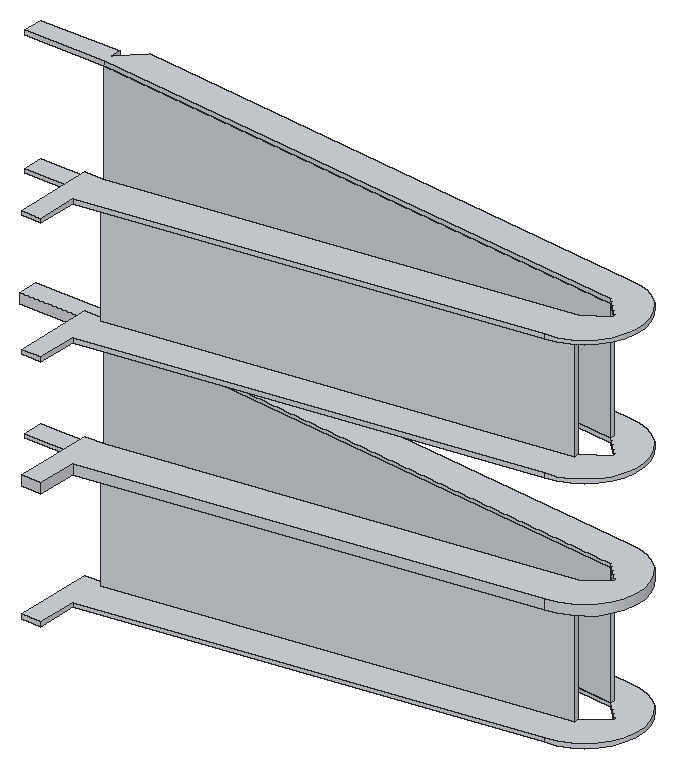
Revit family "BC600_2017_new", category Electrical Equipment, Revit 2017
Family settings
  Round Connector Dimension = Use Diameter
  Part Type = Panelboard
  OmniClass Number = 23.80.30.11.17
  OmniClass Title = Distribution Boards and Control Panels
  Work Plane-Based = No
  Always vertical = Yes
  Cut with Voids When Loaded = No
  Shared = No
  Room Calculation Point = No
Parameters
  Width = 1' - 0 59/256"  # constant formula
  Symbol Visible [instance] = yes
  Label Visible [instance] = yes
  Label Type = Generic Label 2017 : Generic Label 2017
  Label Angle [instance] = 0.00°
  Label - Y Offset [instance] = 0' - 0.00859"
  Label - X Offset [instance] = 0' - 0"
  Label [instance] = ""
  Height = 1' - 3 147/256"  # constant formula
  Elevation from Level [instance] = 0' - 11.865"
  Depth = 0' - 4 143/256"  # constant formula
Reference planes (in)
  plane 1 "Center (Front/Back)": y = -0.16297
  plane 2: z = 0
  plane 3 "Center (Left/Right)": x = 0
  plane 4: x = 7.375
  plane 5: x = -7.375
  plane 6: y = -2.44227
  plane 7: z = 27.43922
  plane 8: x = 0
  plane 9: y = -0.17156
  plane 10: z = 11.865
  plane 11: y = 2.11633
Forms (in)
  Extrusion 1, solid, not visible
    sketch origin (0, 0, 0) x (1, 0, 0) y (0, 1, 0)
      loop
        line (-4, 10.25) -> (-3.5, 10.25) -> (-3.5, 11.23922) -> (7.17938, 12.82098)
        arc (7.17938, 12.82098) -> (8.48228, 14.238) -> (7.10223, 15.58) r 1.38059
        line (7.10223, 15.58) -> (-5.96967, 16.76505) -> (-6.5, 16.23472) -> (-6.5, 16.48472) -> (-8.5, 16.48472) -> (-8.5, 15.98472) -> (-6.5, 15.98472) -> (7.31887, 14.74382) -> (7.82469, 14.238) -> (7.22723, 13.8296) -> (-3.5, 12.25) -> (-4, 12.25) -> (-4, 10.25)
    from 0 to 0.10156
  Extrusion 2, solid, not visible
    sketch origin (0, 0, -6) x (1, 0, 0) y (0, 1, 0)
      loop
        line (-4, 10.25) -> (-3.5, 10.25) -> (-3.5, 11.23922) -> (7.17938, 12.82098)
        arc (7.17938, 12.82098) -> (8.48228, 14.238) -> (7.10223, 15.58) r 1.38059
        line (7.10223, 15.58) -> (-5.96967, 16.76505) -> (-6.5, 16.23472) -> (-6.5, 16.48472) -> (-8.625, 16.48472) -> (-8.625, 15.98472) -> (-6.5, 15.98472) -> (7.31887, 14.74382) -> (7.82469, 14.238) -> (7.22723, 13.8296) -> (-3.5, 12.25) -> (-4, 12.25) -> (-4, 10.25)
    from 9 to 9.25
  Extrusion 3, solid, not visible
    sketch origin (0, 0, 0) x (1, 0, 0) y (0, 1, 0)
      loop
        line (-6.49717, 15.98447) -> (7.31887, 14.74382) -> (7.32795, 14.84497) -> (-6.48808, 16.08562) -> (-6.49717, 15.98447)
    from 0.10156 to 3.14844
  Extrusion 4, solid, not visible
    sketch origin (0, 0, 0) x (1, 0, 0) y (0, 1, 0)
      loop
        line (7.22723, 13.8296) -> (-3.5, 12.25) -> (-3.48179, 12.12633) -> (7.24544, 13.70594) -> (7.22723, 13.8296)
    from 0.10156 to 3.14844
  Extrusion 5, solid, not visible
    sketch origin (0, 0, 0) x (1, 0, 0) y (0, 1, 0)
      loop
        line (-4, 10.25) -> (-3.5, 10.25) -> (-3.5, 11.23922) -> (7.17938, 12.82098)
        arc (7.17938, 12.82098) -> (8.48228, 14.238) -> (7.10223, 15.58) r 1.38059
        line (7.10223, 15.58) -> (-5.96967, 16.76505) -> (-6.5, 16.23472) -> (-6.5, 16.48472) -> (-8.5, 16.48472) -> (-8.5, 15.98472) -> (-6.5, 15.98472) -> (7.31887, 14.74382) -> (7.82469, 14.238) -> (7.22723, 13.8296) -> (-3.5, 12.25) -> (-4, 12.25) -> (-4, 10.25)
    from 6 to 6.10156
  Extrusion 6, solid, not visible
    sketch origin (0, 0, 0) x (1, 0, 0) y (0, 1, 0)
      loop
        line (-4, 10.25) -> (-3.5, 10.25) -> (-3.5, 11.23922) -> (7.17938, 12.82098)
        arc (7.17938, 12.82098) -> (8.48228, 14.238) -> (7.10223, 15.58) r 1.38059
        line (7.10223, 15.58) -> (-5.96967, 16.76505) -> (-6.5, 16.23472) -> (-6.5, 16.48472) -> (-8.5, 16.48472) -> (-8.5, 15.98472) -> (-6.5, 15.98472) -> (7.31887, 14.74382) -> (7.82469, 14.238) -> (7.22723, 13.8296) -> (-3.5, 12.25) -> (-4, 12.25) -> (-4, 10.25)
    from 9.14844 to 9.25
  Extrusion 7, solid, not visible
    sketch origin (0, 0, 0) x (1, 0, 0) y (0, 1, 0)
      loop
        line (-6.49717, 15.98447) -> (7.31887, 14.74382) -> (7.32795, 14.84497) -> (-6.48808, 16.08562) -> (-6.49717, 15.98447)
    from 6.10156 to 9.14844
  Extrusion 8, solid, not visible
    sketch origin (0, 0, 0) x (1, 0, 0) y (0, 1, 0)
      loop
        line (7.22723, 13.8296) -> (-3.5, 12.25) -> (-3.48179, 12.12633) -> (7.24544, 13.70594) -> (7.22723, 13.8296)
    from 6.10156 to 9.14844
Lines and regions (in)
  symbolic lines, style "InvisibleLines"
    curve 1: line (0, 3.20344, 0) -> (0, -3.54656, 0)
    curve 2: line (-10.75, -0.17156, 0) -> (10.75, -0.17156, 0)
  symbolic lines, style "InvisibleLines", not visible
    curve 3: line (0, 3.375, 0) -> (0, -3.375, 0)
    curve 4: line (-10.75, 0, 0) -> (10.75, 0, 0)
  symbolic lines, style "ElectricalEquipment", visible <- "Symbol Visible"
    curve 5: line (7.375, -2.44227, 0) -> (-7.375, -2.44227, 0)
    curve 6: line (7.26128, 2.11633, 0) -> (-7.23872, 2.11633, 0)
    curve 7: line (7.26128, 2.11633, 0) -> (7.26128, -1.94227, 0)
    curve 8: line (7.375, -1.94227, 0) -> (-7.375, -1.94227, 0)
    curve 9: line (-7.23872, 2.11633, 0) -> (-7.23872, -1.94227, 0)
    curve 10: line (-7.375, -1.94227, 0) -> (-7.375, -2.44227, 0)
    curve 11: line (7.375, -1.94227, 0) -> (7.375, -2.44227, 0)
Dimensions and locks (in)
  equal spacing: plane 5, plane 3 "Center (Left/Right)", plane 4
  plane 5 to plane 4 = 1' - 2 3/4"
  "Height": plane 7 to plane 10
  "Label - X Offset": plane 3 "Center (Left/Right)" to plane 8
  "Label - Y Offset": plane 9 to plane 1 "Center (Front/Back)"
  "Elevation from Level": plane 10 to plane 2
  plane 4 to plane 5 = 1' - 2 3/4"
  "Depth": plane 6 to plane 11
  equal spacing: plane 6, plane 1 "Center (Front/Back)", plane 11
  aligned and locked: plane 9 to curve 2
  aligned and locked: plane 5 to import instance
  aligned and locked: plane 11 to curve 6
  aligned and locked: plane 6 to curve 5
  aligned and locked: curve 10 to plane 5
  aligned and locked: curve 7 to import instance
  aligned and locked: curve 11 to plane 4
  aligned and locked: plane 6 to import instance
Automatic sketch dimensions
  Extrusion 1 sketch curve to Extrusion 1 sketch curve = 0' - 0"
  Extrusion 1 sketch curve to Extrusion 1 sketch curve = 0' - 0.53033"
  Extrusion 1 sketch curve to Extrusion 1 sketch curve = 0' - 0 1/2"  (x3)
  Extrusion 1 sketch curve to Extrusion 1 sketch curve = 0' - 0 1/8"
  Extrusion 1 sketch curve to Extrusion 1 sketch curve = 0' - 0.21664"
  Extrusion 1 sketch curve to Extrusion 1 sketch curve = 0' - 0.98922"
  Extrusion 1 sketch curve to Extrusion 1 sketch curve = 0' - 1.01078"
  Extrusion 1 sketch curve to Extrusion 1 sketch curve = 0' - 1.00863"
  Extrusion 1 sketch curve to Extrusion 1 sketch curve = 0' - 0.36981"
  Extrusion 1 sketch curve to Extrusion 1 sketch curve = 0' - 0.03859"
  Extrusion 1 sketch curve to Extrusion 1 sketch curve = 0' - 0.54441"
  Extrusion 1 sketch curve to Extrusion 1 sketch curve = 0' - 0 1/4"
  Extrusion 1 sketch curve to Extrusion 1 sketch curve = 0' - 0.28033"
  Extrusion 2 sketch curve to Extrusion 2 sketch curve = 0' - 0"
  Extrusion 2 sketch curve to Extrusion 2 sketch curve = 0' - 0.53033"
  Extrusion 2 sketch curve to Extrusion 2 sketch curve = 0' - 0 1/2"  (x3)
  Extrusion 2 sketch curve to Extrusion 2 sketch curve = 0' - 0 1/8"
  Extrusion 2 sketch curve to Extrusion 2 sketch curve = 0' - 0.21664"
  Extrusion 2 sketch curve to Extrusion 2 sketch curve = 0' - 0.98922"
  Extrusion 2 sketch curve to Extrusion 2 sketch curve = 0' - 1.01078"
  Extrusion 2 sketch curve to Extrusion 2 sketch curve = 0' - 1.00863"
  Extrusion 2 sketch curve to Extrusion 2 sketch curve = 0' - 0.36981"
  Extrusion 2 sketch curve to Extrusion 2 sketch curve = 0' - 0.03859"
  Extrusion 2 sketch curve to Extrusion 2 sketch curve = 0' - 0.54441"
  Extrusion 2 sketch curve to Extrusion 2 sketch curve = 0' - 3.73472"
  Extrusion 2 sketch curve to Extrusion 2 sketch curve = 0' - 0 1/4"
  Extrusion 2 sketch curve to Extrusion 2 sketch curve = 0' - 0.28033"
  Extrusion 3 sketch curve to Extrusion 3 sketch curve = 0' - 0.00908"
  Extrusion 3 sketch curve to Extrusion 3 sketch curve = 0' - 0.10116"
  Extrusion 4 sketch curve to Extrusion 4 sketch curve = 0' - 0.12367"
  Extrusion 4 sketch curve to Extrusion 4 sketch curve = 0' - 0.01821"
  Extrusion 2 sketch curve to Extrusion 2 sketch curve = 0' - 2 1/8"
  Extrusion 2 sketch curve to Extrusion 2 sketch curve = 0' - 2 1/2"
  Extrusion 2 sketch curve to Extrusion 2 sketch curve = 0' - 10.60223"
  Extrusion 2 sketch curve to Extrusion 2 sketch curve = 0' - 0.04785"
  Extrusion 2 sketch curve to Extrusion 2 sketch curve = 0' - 0.50582"
  Extrusion 2 sketch curve to Extrusion 2 sketch curve = 0' - 0.57098"
  Extrusion 3 sketch curve to Extrusion 3 sketch curve = 1' - 1.81603"
  Extrusion 4 sketch curve to Extrusion 4 sketch curve = 0' - 10.72723"
  Extrusion 1 sketch curve to Extrusion 1 sketch curve = 0' - 2"
  Extrusion 1 sketch curve to Extrusion 1 sketch curve = 0' - 2 1/2"
  Extrusion 1 sketch curve to Extrusion 1 sketch curve = 0' - 10.60223"
  Extrusion 1 sketch curve to Extrusion 1 sketch curve = 0' - 0.04785"
  Extrusion 1 sketch curve to Extrusion 1 sketch curve = 0' - 0.50582"
  Extrusion 1 sketch curve to Extrusion 1 sketch curve = 0' - 0.57098"
  Extrusion 1 sketch curve to Extrusion 1 sketch curve = 0' - 3.73472"
  Extrusion 5 sketch curve to Extrusion 5 sketch curve = 0' - 0"
  Extrusion 5 sketch curve to Extrusion 5 sketch curve = 0' - 0.53033"
  Extrusion 5 sketch curve to Extrusion 5 sketch curve = 0' - 0 1/2"  (x3)
  Extrusion 5 sketch curve to Extrusion 5 sketch curve = 0' - 0 1/8"
  Extrusion 5 sketch curve to Extrusion 5 sketch curve = 0' - 0.21664"
  Extrusion 5 sketch curve to Extrusion 5 sketch curve = 0' - 0.98922"
  Extrusion 5 sketch curve to Extrusion 5 sketch curve = 0' - 1.01078"
  Extrusion 5 sketch curve to Extrusion 5 sketch curve = 0' - 1.00863"
  Extrusion 5 sketch curve to Extrusion 5 sketch curve = 0' - 0.36981"
  Extrusion 5 sketch curve to Extrusion 5 sketch curve = 0' - 0.03859"
  Extrusion 5 sketch curve to Extrusion 5 sketch curve = 0' - 0.54441"
  Extrusion 5 sketch curve to Extrusion 5 sketch curve = 0' - 0 1/4"
  Extrusion 5 sketch curve to Extrusion 5 sketch curve = 0' - 0.28033"
  Extrusion 6 sketch curve to Extrusion 6 sketch curve = 0' - 0"
  Extrusion 6 sketch curve to Extrusion 6 sketch curve = 0' - 0.53033"
  Extrusion 6 sketch curve to Extrusion 6 sketch curve = 0' - 0 1/2"  (x3)
  Extrusion 6 sketch curve to Extrusion 6 sketch curve = 0' - 0 1/8"
  Extrusion 6 sketch curve to Extrusion 6 sketch curve = 0' - 0.21664"
  Extrusion 6 sketch curve to Extrusion 6 sketch curve = 0' - 0.98922"
  Extrusion 6 sketch curve to Extrusion 6 sketch curve = 0' - 1.01078"
  Extrusion 6 sketch curve to Extrusion 6 sketch curve = 0' - 1.00863"
  Extrusion 6 sketch curve to Extrusion 6 sketch curve = 0' - 0.36981"
  Extrusion 6 sketch curve to Extrusion 6 sketch curve = 0' - 0.03859"
  Extrusion 6 sketch curve to Extrusion 6 sketch curve = 0' - 0.54441"
  Extrusion 6 sketch curve to Extrusion 6 sketch curve = 0' - 3.73472"
  Extrusion 6 sketch curve to Extrusion 6 sketch curve = 0' - 0 1/4"
  Extrusion 6 sketch curve to Extrusion 6 sketch curve = 0' - 0.28033"
  Extrusion 7 sketch curve to Extrusion 7 sketch curve = 0' - 0.00908"
  Extrusion 7 sketch curve to Extrusion 7 sketch curve = 0' - 0.10116"
  Extrusion 8 sketch curve to Extrusion 8 sketch curve = 0' - 0.12367"
  Extrusion 8 sketch curve to Extrusion 8 sketch curve = 0' - 0.01821"
  Extrusion 6 sketch curve to Extrusion 6 sketch curve = 0' - 2"
  Extrusion 6 sketch curve to Extrusion 6 sketch curve = 0' - 2 1/2"
  Extrusion 6 sketch curve to Extrusion 6 sketch curve = 0' - 10.60223"
  Extrusion 6 sketch curve to Extrusion 6 sketch curve = 0' - 0.04785"
  Extrusion 6 sketch curve to Extrusion 6 sketch curve = 0' - 0.50582"
  Extrusion 6 sketch curve to Extrusion 6 sketch curve = 0' - 0.57098"
  Extrusion 7 sketch curve to Extrusion 7 sketch curve = 1' - 1.81603"
  Extrusion 8 sketch curve to Extrusion 8 sketch curve = 0' - 10.72723"
  Extrusion 5 sketch curve to Extrusion 5 sketch curve = 0' - 0.04785"
  Extrusion 5 sketch curve to Extrusion 5 sketch curve = 0' - 2"
  Extrusion 5 sketch curve to Extrusion 5 sketch curve = 0' - 2 1/2"
  Extrusion 5 sketch curve to Extrusion 5 sketch curve = 0' - 10.60223"
  Extrusion 5 sketch curve to Extrusion 5 sketch curve = 0' - 0.50582"
  Extrusion 5 sketch curve to Extrusion 5 sketch curve = 0' - 0.57098"
  Extrusion 5 sketch curve to Extrusion 5 sketch curve = 0' - 3.73472"
  plane 5 to curve 9 = 0' - 0.13628"
  curve 5 to curve 8 = 0' - 0 1/2"
Nested families (in)
  nested 1: "Generic Label 2017" at (-1.25796, -1.9359, 0), Label Angle <- "Label Angle", type <- "Label Type", visible <- "Label Visible", type "Generic Label 2017"
    with Label Angle 0.00°
  nested 2: "Generic Label 2017" at (-1.25796, -1.76433, 0), Label Angle <- "Label Angle", type <- "Label Type", visible <- "Label Visible", type "Generic Label 2017", not visible
    with Label Angle 0.00°
Definition of nested family "Generic Label 2017"
  Parameters (values of type "Generic Label 2017")
    Label Angle [instance] = 0.00°
    Label = ""
  Reference planes (in)
    plane 1: y = 0
    plane 2: x = 0
  Lines and regions (in)
    reference lines
      curve 1: line (0.05319, 3.48642, 0) -> (0.05319, -2.76358, 0)
      curve 2: line (-2.94681, 0.07185, 0) -> (3.55319, 0.07185, 0)
    detail lines
      curve 3: line (0.05319, 0.01481, 0) -> (0.05319, 0.1289, 0)
    detail lines, not visible
      curve 4: line (0.01286, 0.03152, 0) -> (0.01286, 0.1456, 0)
  Text (in)
    label "Label" at (0.05865, 0.07252, 0), shows "Label"
    label "Label" at (0.01831, 0.08923, 0), shows "Label", not visible
  Dimensions and locks (in)
    "Label Angle": angle curve 1 to curve 3
    aligned and locked: curve 1 to curve 3
  Automatic sketch dimensions
    curve 2 to plane 1 = 0' - 0.07185"
    curve 2 to plane 2 = 0' - 2.94681"
    plane 2 to curve 1 = 0' - 0.05319"
    plane 2 to curve 2 = 0' - 3.55319"
    plane 1 to curve 1 = 0' - 2.76358"
    curve 1 to plane 1 = 0' - 3.48642"
    curve 3 to curve 3 = 0' - 0"
    curve 3 to curve 3 = 0' - 0.11408"
    curve 4 to curve 4 = 0' - 0"
    curve 4 to curve 4 = 0' - 0.11408"
